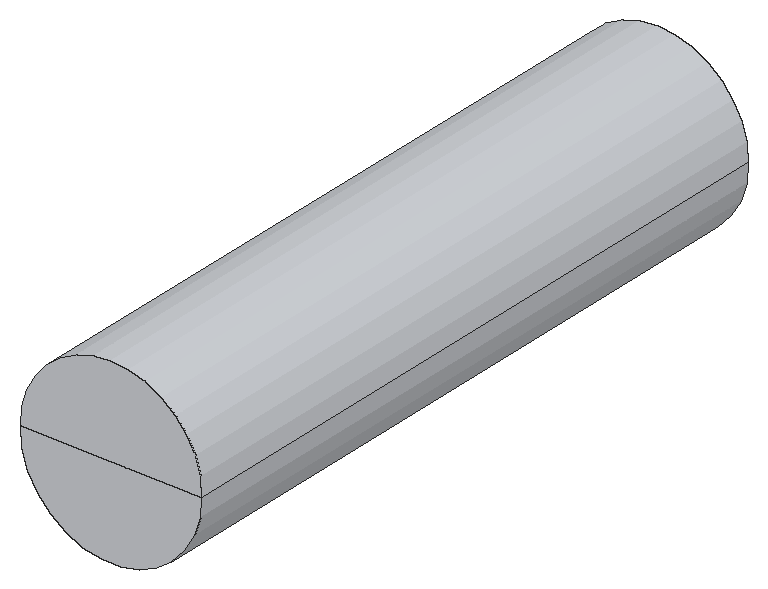
Revit family "LO-100", category Mechanical Equipment, Revit 2018
Family settings
  Round Connector Dimension = Use Diameter
  Part Type = Normal
  OmniClass Number = 23.75.00.00
  OmniClass Title = Climate Control (HVAC)
  Work Plane-Based = No
  Always vertical = Yes
  Cut with Voids When Loaded = No
  Shared = No
  Room Calculation Point = No
Parameters (values of type "LO-101E_100PSI")
  Weight (lbs.) = 35.50 lbm
  Volts = "115, 208, 230"
  Phase = "1"
  PSI = 100.00 psi
  Motor RPM = "1725"
  Motor HP = "1/3"
  Model LO-106E = no
  Model LO-105E = no
  Model LO-104E = no
  Model LO-103E = no
  Model LO-102E = no
  Model LO-101E = yes
  K [instance] = I / 2  # 0' - 0 1/4"
  J = D - A  # 0' - 1 5/8"
  I = 0' - 0 1/2"
  Hz = "60"
  H = 0' - 7"
  GPH. Oil No.2 / No.4 = "23 / 24"
  G = 0' - 10"
  F = 0' - 11"
  E = 0' - 7 19/32"
  D = 1' - 5 1/4"
  C = 0' - 1 7/8"
  B = 0' - 8 1/2"
  A = 1' - 3 5/8"
Types (11): name | Weight (lbs.) | Volts | Phase | PSI | Motor RPM | Motor HP | Model LO-106E | Model LO-105E | Model LO-104E | Model LO-103E | Model LO-102E | Model LO-101E | J | GPH. Oil No.2 / No.4 | G | E | D | A
  (no name) | 35.50 lbm | "115, 208, 230" | "1" | 100.00 psi | "1725" | "1/3" | no | no | no | no | no | yes | 0' - 1 5/8" | "23 / 24" | 0' - 10" | 0' - 7 19/32" | 1' - 5 1/4" | 1' - 3 5/8"
  LO-101E_100PSI | 35.50 lbm | "115, 208, 230" | "1" | 100.00 psi | "1725" | "1/3" | no | no | no | no | no | yes | 0' - 1 5/8" | "23 / 24" | 0' - 10" | 0' - 7 19/32" | 1' - 5 1/4" | 1' - 3 5/8"
  LO-102E_100PSI | 36.50 lbm | "115, 208, 230" | "1" | 100.00 psi | "1725" | "1/3" | no | no | no | no | yes | no | 0' - 1 1/8" | "51 / 54" | 10' - 0" | 0' - 7 9/16" | 1' - 5 1/4" | 1' - 4 1/8"
  LO-103E_100PSI | 36.30 lbm | "115, 208, 230" | "1" | 100.00 psi | "1725" | "1/3" | no | no | no | yes | no | no | 0' - 1 1/8" | "89 / 96" | 0' - 10" | 0' - 7 9/16" | 1' - 5 1/4" | 1' - 4 1/8"
  LO-104E_100PSI | 36.60 lbm | "208, 230, 460" | "3" | 100.00 psi | "1725" | "1/2" | no | no | yes | no | no | no | 0' - 1 3/8" | "150 / 161" | 0' - 8 5/8" | 0' - 7 9/16" | 1' - 5 1/4" | 1' - 3 7/8"
  LO-105E_50PSI | 41.80 lbm | "208, 230, 460" | "3" | 50.00 psi | "1725" | "3/4" | no | yes | no | no | no | no | 0' - 1 7/16" | "328 / 344" | 0' - 8 5/8" | 0' - 7 9/16" | 1' - 5 3/16" | 1' - 3 3/4"
  LO-106E_100PSI | 46.00 lbm | "208, 230, 460" | "3" | 100.00 psi | "1760" | "1" | yes | no | no | no | no | no | 0' - 1 5/16" | "277 / 285" | 0' - 8 5/8" | 0' - 7 9/16" | 1' - 5 3/4" | 1' - 4 7/16"
  LO-101E_50PSI | 35.50 lbm | "115, 208, 230" | "1" | 50.00 psi | "1725" | "1/3" | no | no | no | no | no | yes | 0' - 1 5/8" | "24 / 25" | 0' - 10" | 0' - 7 19/32" | 1' - 5 1/4" | 1' - 3 5/8"
  LO-102E_50PSI | 36.50 lbm | "115, 208, 230" | "1" | 50.00 psi | "1725" | "1/3" | no | no | no | no | yes | no | 0' - 1 1/8" | "54 / 56" | 10' - 0" | 0' - 7 9/16" | 1' - 5 1/4" | 1' - 4 1/8"
  LO-103E_50PSI | 36.30 lbm | "115, 208, 230" | "1" | 50.00 psi | "1725" | "1/3" | no | no | no | yes | no | no | 0' - 1 1/8" | "97 / 100" | 0' - 10" | 0' - 7 9/16" | 1' - 5 1/4" | 1' - 4 1/8"
  LO-104E_50PSI | 36.60 lbm | "208, 230, 460" | "3" | 50.00 psi | "1725" | "1/2" | no | no | yes | no | no | no | 0' - 1 3/8" | "163 / 169" | 0' - 8 5/8" | 0' - 7 9/16" | 1' - 5 1/4" | 1' - 3 7/8"
Reference planes (in)
  plane 1 "Center (Front/Back)": y = 0
  plane 2: z = 0
  plane 3 "Center (Left/Right)": x = 0
  plane 4 "Center L/Y": y = 3.5
  plane 5: y = 0.9375
  plane 6: y = -0.9375
  plane 7: y = -5
  plane 8 "Center L/Z": y = -3.5
  plane 9 "Center L/AA": x = -11
  plane 10 "Center L/CC": x = 3.4375
  plane 11 "Center L/DD": x = -13.8125
  plane 12 "Center L/FF": x = 1.8125
  plane 13: z = 7.5625
  plane 14: z = 8.625
  plane 15: z = 6.661
Forms (in)
  Revolve 1, solid
    sketch origin (2.43816, 8.74323, 6.661) x (1, 0, 0) y (0, 1, 0)
      loop
        line (-0.62566, -7.80573) -> (-0.62566, -9.68073) -> (-0.37566, -9.68073) -> (-0.37566, -7.80573) -> (-0.62566, -7.80573)
      axis (-0.62566, -7.80573) -> (-0.62566, -9.68073)
    angle from 0 to 360
Dimensions and locks (in)
  equal spacing: plane 5, plane 1 "Center (Front/Back)", plane 6
  "C": plane 5 to plane 6
  equal spacing: plane 8 "Center L/Z", plane 1 "Center (Front/Back)", plane 4 "Center L/Y"
  "H": plane 4 "Center L/Y" to plane 8 "Center L/Z"
  "J": plane 12 "Center L/FF" to plane 10 "Center L/CC"
  "A": plane 11 "Center L/DD" to plane 12 "Center L/FF"
  "D": plane 11 "Center L/DD" to plane 10 "Center L/CC"
  "F": plane 9 "Center L/AA" to plane 3 "Center (Left/Right)"
  "B": plane 7 to plane 4 "Center L/Y"
  "K": Revolve 1 sketch curve to Revolve 1 sketch curve
  "J": Revolve 1 sketch curve to plane 10 "Center L/CC"
  aligned and locked: level to plane 2
  aligned and locked: Revolve 1 sketch curve to plane 5
Automatic sketch dimensions
  Revolve 1 sketch curve to plane 12 "Center L/FF" = 0' - 0"
  Revolve 1 sketch curve to plane 6 = 0' - 0"
  plane 7 to Revolve 1 sketch curve = 0' - 0.48169"
  Revolve 1 sketch curve to plane 4 "Center L/Y" = 0' - 2.48169"
Connectors (in)
  piping at (1.8125, 0.9375, 6.661), diameter 0.5, driven by "I"
    settings: on Revolve 1, index 1, connector inside diameter 24", connector length 0' - 0", flow factor 0, pipe flow 0 GPM, pressure drop 0.00 psi, fitting loss kfactor 0, connector angle 0.00°, fixture units 0, engagement length 0' - 0", angle of deflection 0.00°, flow configuration 0, flow direction 0, fitting loss method 0, system type 28, joint type 0, gender type 0, connector reference index -1, connector utility 0, adjustable connector no, is connector primary yes, connector description ""
  piping at (1.8125, -0.9375, 6.661), diameter 0.5, driven by "I"
    settings: on Revolve 1, index 2, connector inside diameter 24", connector length 0' - 0", flow factor 0, pipe flow 0 GPM, pressure drop 0.00 psi, fitting loss kfactor 0, connector angle 0.00°, fixture units 0, engagement length 0' - 0", angle of deflection 0.00°, flow configuration 0, flow direction 0, fitting loss method 0, system type 28, joint type 0, gender type 0, connector reference index -1, connector utility 0, adjustable connector no, is connector primary no, connector description ""
